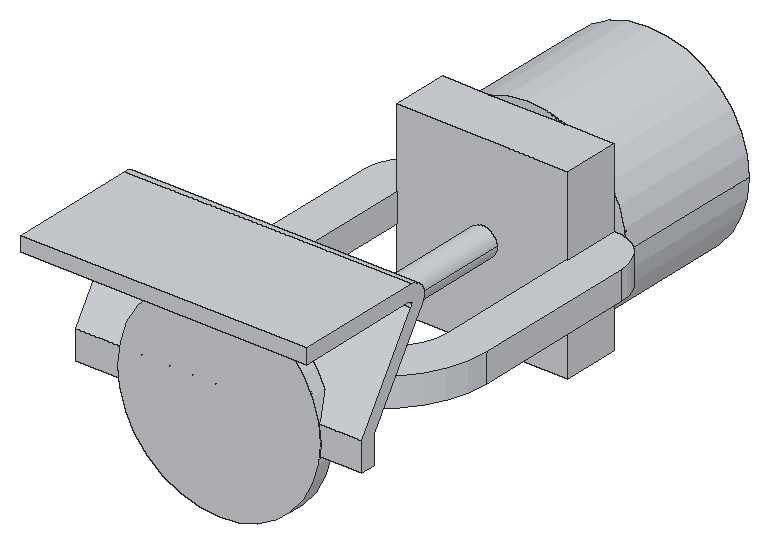
Revit family
Parameters (values of type "RASCO SW56 HSW")
  Temperature Rating = 155 °F
  Response = 1
  RASCO SIN # = "R6834"
  RASCO Part # = "SWH1W"
  Pressure Rating = "300 PSI"
  Pressure Class = 1
  Orifice Size = 1/2"
  Orifice = (empty or 0)
  Model = "SW56"
  Manufacturer = "RASCO"
  K-Factor = 5.6
  Description = "White Finish"
  Coverage = (empty or 0)
Reference planes (in)
  plane 1 "Center (Front/Back)": y = 0
  plane 2: z = 0
  plane 3 "Center (Left/Right)": x = 0
Dimensions and locks (in)
  aligned and locked: plane 2 to level
Nested families (in)
  nested 1: "SWH1W" at (0, 0, 0), type "RASCO SW56 HSW"
Connectors (in)
  piping at (-0.01236, 1.34926, 1.25584)
    settings: on nested 1, index 1, connector radius 115/256", flow factor 0, pipe flow 0 GPM, pressure drop 0.00 psi, fitting loss kfactor 0, connector angle 0.00°, fixture units 0, flow configuration 0, flow direction 0, fitting loss method 0, system type 7, connector reference index -1, connector utility 0, adjustable connector no, is connector primary yes, fitting loss table "", connector description ""
Definition of nested family "SWH1W"
  Parameters (values of type "RASCO SW56 HSW")
    Type Comments = ""
    Temperature Rating = 0 °F
    Response = (empty or 0)
    Pressure Rating = "0"
    Pressure Class = (empty or 0)
    Orifice Size = 0"
    Orifice = (empty or 0)
    Model = ""
    Manufacturer = ""
    K-Factor = 0
    Description = ""
    Coverage = (empty or 0)
    Assembly Code = ""
  Reference planes (in)
    plane 1 "Center (Front/Back)": y = 0
    plane 2: z = 0
    plane 3 "ref.2": z = 0.6875
    plane 4 "ref.3": z = 0.9375
    plane 5: x = -0.38065
    plane 6: x = 0.36935
    plane 7 "ref. side 1": y = 0.06402
    plane 8 "ref. side 2": y = -0.06098
    plane 9 "ref.4": z = 1.875
    plane 10 "ref.5": z = 2.3125
    plane 11 "ref.6": z = 2.4375
    plane 12 "center": x = -0.00574
  Forms (in)
    Extrusion 1, solid
      sketch origin (-0.01236, 1.37309, 1.25584) x (-1, 0, 0) y (0, 0, -1)
        loop
          circle (0, 0) r 0.4379
      from 0.02383 to 0.6875
    Extrusion 2, solid
      sketch origin (0.10949, 0.68559, 1.20407) x (-1, 0, 0) y (0, 0, -1)
        loop
          line (-0.2588, 0.356) -> (-0.2588, -0.4565) -> (0.4912, -0.4565) -> (0.4912, 0.356) -> (-0.2588, 0.356)
      from 0 to 0.25
    Extrusion 3, solid
      sketch origin (-0.01236, 1.3722, 1.25584) x (-1, 0, 0) y (0, -1, 0)
        loop
          line (-0.38065, 0.68754) -> (-0.38065, 1.58397)
          arc (-0.38065, 1.58397) -> (-0.29541, 1.78976) -> (-0.08962, 1.875) r 0.29103
          line (-0.08962, 1.875) -> (0.07524, 1.875)
          arc (0.07524, 1.875) -> (0.28321, 1.78886) -> (0.36935, 1.58089) r 0.29411
          line (0.36935, 1.58089) -> (0.36935, 0.68751)
          arc (0.36935, 0.68751) -> (0.50207, 0.74393) -> (0.55685, 0.87734) r 0.18984
          line (0.55685, 0.87734) -> (0.55685, 1.61676)
          arc (0.55685, 1.61676) -> (0.42629, 1.93194) -> (0.11111, 2.0625) r 0.44574
          line (0.11111, 2.0625) -> (-0.12259, 2.0625)
          arc (-0.12259, 2.0625) -> (-0.43765, 1.932) -> (-0.56815, 1.61694) r 0.44556
          line (-0.56815, 1.61694) -> (-0.56815, 0.87876)
          arc (-0.56815, 0.87876) -> (-0.51345, 0.74486) -> (-0.38065, 0.68754) r 0.19126
      from -0.06402 to 0.06098
    Extrusion 4, solid
      sketch origin (-0.01236, 0.43559, 1.25584) x (1, 0, 0) y (0, 0, 1)
        loop
          circle (0.00574, -0.00152) r 0.0625
      from 0 to 0.9375
    Extrusion 5, solid
      sketch origin (-0.01236, -0.50191, 1.25584) x (1, 0, 0) y (0, 0, 1)
        loop
          circle (0.00574, -0.00152) r 0.1875
      from 0 to 0.4375
    Extrusion 6, solid
      sketch origin (-0.01236, -0.89954, 1.2504) x (-1, 0, 0) y (0, 0, 1)
        loop
          circle (-0.00574, -0.00152) r 0.44275
      from -0.10531 to -0.03987
    Extrusion 7, solid
      sketch origin (-0.00662, 1.2679, 1.26334) x (0, -1, 0) y (0, 0, 1)
        loop
          line (2.27263, -0.06402) -> (2.27263, 0.06098) -> (2.00466, 0.4658)
          arc (2.00466, 0.4658) -> (2.00382, 0.48409) -> (2.01953, 0.49348) r 0.01783
          line (2.01953, 0.49348) -> (2.57559, 0.49348) -> (2.57559, 0.55848) -> (2.00257, 0.55848)
          arc (2.00257, 0.55848) -> (1.94355, 0.52319) -> (1.9467, 0.4545) r 0.067
          line (1.9467, 0.4545) -> (2.20719, 0.06098) -> (2.20719, -0.06402) -> (2.27263, -0.06402)
      from -0.62515 to 0.62904
  Cuts and joins
    joined: Extrusion 1, Extrusion 2, Extrusion 4
